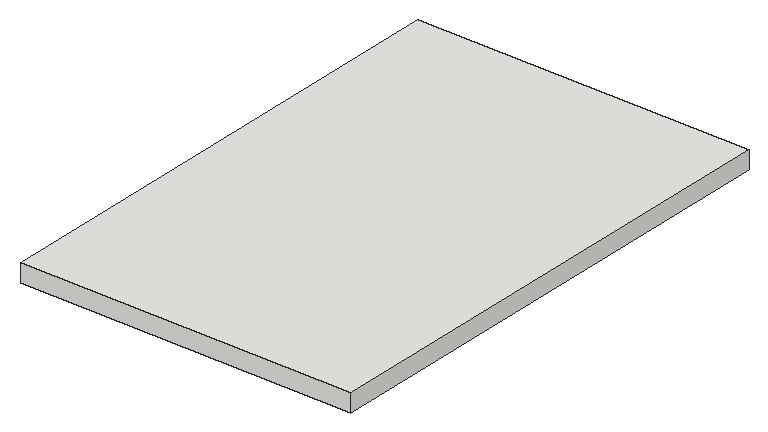
Revit family "SURVIVOR130xxx-DB", category Leuchten, Revit 2024
Family settings
  Basisbauteil = Fläche
  Bemaßung runder Anschluss = Durchmesser verwenden
  Teiletyp = Normal
  OmniClass-Nummer = 23.80.70.11
  OmniClass-Titel = Luminaries for Internal Lighting
  Beim Laden mit Abzugskörper schneiden = Nein
  Lichtquelle = Ja
  Beschriftungsausrichtung beibehalten = Nein
  Gemeinsam genutzt = Nein
  Raumberechnungspunkt = Nein
Parameters (values of type "SURVIVOR130NDWS840S0500-DB")
  width = 240 mm  # constant formula
  weight = "11.0 kg"  # constant formula
  voltage type (AC, DC, UC) = "AC"
  rated input power = 35
  product name = "SURVIVOR130NDWS840S0500-DB"
  nominal voltage = "230"
  nominal frequency = "50-60Hz"
  length = 1300 mm  # constant formula
  ingress protection (IP) code = "IP65"
  height = 73 mm  # constant formula
  electrical safety class = "1"
  control gear = ""
  conformity mark = "CE"  # constant formula
  brand = "RIDI"
  approval mark = ""
  built-in parameter 1150104 = 13.8 (stored number, unit not read)
  Wattage = 36.3534 W
  Von Breite des Rechtecks ausssenden = 1228 mm
  Von Länge des Rechtecks aussenden = 172 mm  # constant formula
  Default Elevation = 0 mm
  built-in parameter 1150113 = 1 (stored number, unit not read)
  built-in parameter 1114218 = 1 (stored number, unit not read)
  URL = "www.ridi.de"
  built-in parameter 1150134 = 12
  built-in parameter 1150109 = 1 (stored number, unit not read)
  built-in parameter 1150110 = 1 (stored number, unit not read)
  Apparent Load = 35 VA
  Tilt Angle = 90.00°
  Modell = "6068003//420"
  built-in parameter 1114217 = 1 (stored number, unit not read)
  built-in parameter 1150139 = (empty or 0)
  built-in parameter 1150105 = 429.72 (stored number, unit not read)
  built-in parameter 1150114 = 1 (stored number, unit not read)
  Lumens = 5400 lm
  built-in parameter 1150115 = 1 (stored number, unit not read)
  built-in parameter 1150112 = 1 (stored number, unit not read)
  Lampe = "LED"
  Hersteller = "RIDI Leuchten GmbH"  # constant formula
  Dimming Lamp Color Temperature Shift = (empty or 0)
  Color Filter = 16777215
  built-in parameter 1150133 = 10 (stored number, unit not read)
  Emit Shape Visible in Rendering = no
  built-in parameter 1150137 = (empty or 0)
  built-in parameter 1150132 = 2
  Datei für fotometrisches Netz = "SURVIVOR_S.IES"
  Copyright = "© RIDI. All rights reserved."  # constant formula
  built-in parameter 1150106 = 4.2972 (stored number, unit not read)
  Baugruppenkennzeichen = "D5020200"
  built-in parameter 1150107 = 4000 (stored number, unit not read)
  built-in parameter 1150102 = (empty or 0)
  built-in parameter 1150138 = (empty or 0)
Types (7, lengths in mm): name | rated input power | product name | Wattage | Apparent Load | Modell | built-in parameter 1150105 | Lumens | Datei für fotometrisches Netz | built-in parameter 1150106
  (no name) | 35 | "SURVIVOR130NDWS840S0500-DB" | 36.3534 W | 35 VA | "6068003//420" | 429.72 (stored number, unit not read) | 5400 lm | "SURVIVOR_S.IES" | 4.2972 (stored number, unit not read)
  SURVIVOR130NDWS840S0500-DB | 35 | "SURVIVOR130NDWS840S0500-DB" | 36.3534 W | 35 VA | "6068003//420" | 429.72 (stored number, unit not read) | 5400 lm | "SURVIVOR_S.IES" | 4.2972 (stored number, unit not read)
  SURVIVOR130NDWS840AS0500-DB | 35 | "SURVIVOR130NDWS840AS0500-DB" | 29.6213 W | 35 VA | "6068004//420\r\n6068004//420" | 350.14 (stored number, unit not read) | 4400 lm | "SURVIVOR_SAS.IES" | 3.5014 (stored number, unit not read)
  SURVIVOR130DAWS840AS0500-US | 36 | "SURVIVOR130DAWS840AS0500-US" | 28.948 W | 36 VA | "6068087" | 1655.8 (stored number, unit not read) | 4300 lm | "SURVIVOR_SAS.IES" | 16.558 (stored number, unit not read)
  SURVIVOR130DAWS840MPO0450-US | 36 | "SURVIVOR130DAWS840MPO0450-US" | 28.948 W | 36 VA | "6068088" | 342.18 (stored number, unit not read) | 4300 lm | "SURVIVOR_MPO.IES" | 3.4218 (stored number, unit not read)
  SURVIVOR130DAWS840S0500-US | 36 | "SURVIVOR130DAWS840S0500-US" | 34.603 W | 36 VA | "6068086" | 1901.9 (stored number, unit not read) | 5140 lm | "SURVIVOR_S.IES" | 19.019 (stored number, unit not read)
  SURVIVOR130NDWS840MPO0450-DB | 35 | "SURVIVOR130NDWS840MPO0450-DB" | 28.948 W | 35 VA | "6068056" | 342.18 (stored number, unit not read) | 4300 lm | "SURVIVOR_MPO.IES" | 3.4218 (stored number, unit not read)
Reference planes
  plane 1 "Mitte (Vorne/hinten)": y = 0
  plane 2: z = 0
  plane 3 "Mitte (Links/rechts)": x = 0
Forms (mm)
  Extrusion 1, solid
    sketch origin (219.2, 280.8, 0) x (1, 0, 0) y (0, 1, 0)
      loop
        line (-1219.2, 1219.2) -> (-1219.2, -1780.8) -> (780.8, -1780.8) -> (780.8, 1219.2) -> (-1219.2, 1219.2)
    from 0 to -107.307
Dimensions and locks
  aligned and locked: plane 2 to Extrusion 1
  aligned and locked: level to Extrusion 1
Connectors
  electrical at (53.526, -623.988, 0.508), driven by "Apparent Load"
    settings: on import instance, index 1, voltage 230 V, apparent load 0 VA, apparent load phase1 35 VA, apparent load phase2 0 VA, apparent load phase3 0 VA, power factor 1, load classification "Lighting", number of poles 1, system type 31, power factor state 1, is connector primary yes, connector utility no, sub classification motor no, connector description ""
